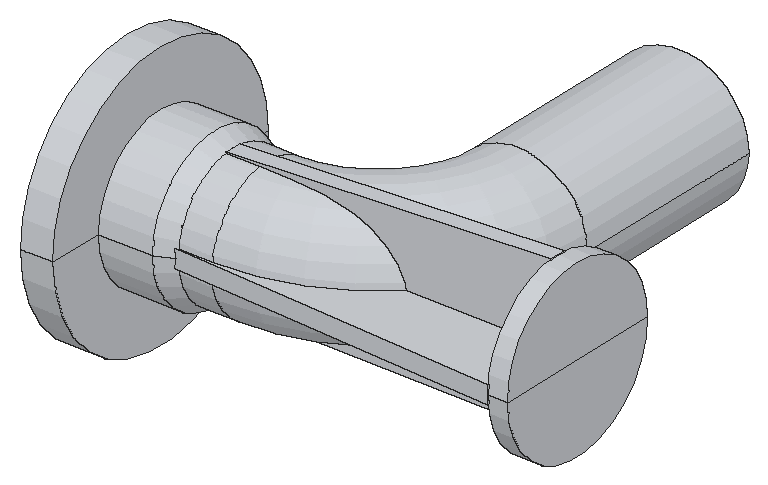
Revit family "6c8ddfba74794c35b0bbb2839dff2ab8", category Pipe Fittings, Revit 2021
Family settings
  Round Connector Dimension = Use Radius
  Part Type = Elbow
  OmniClass Number = 23.60.30.11.14
  OmniClass Title = Pipework Fittings
  Seek Item ID = Elbow - Threaded - MI - Class 300-0000-USA-ENU
  Work Plane-Based = No
  Always vertical = Yes
  Cut with Voids When Loaded = No
  Shared = No
Parameters (values of type "Standard")
  Tick Size [instance] = Fitting Outside Diameter * 0.4  # 1.5840"
  Socket Outside Radius [instance] = Socket Outside Diameter / 2  # 2.2400"
  Socket Outside Diameter [instance] = size_lookup(Lookup Table Name, "SOD", 1.08 * Nominal Diameter + 1.1200", Nominal Diameter)  # 4.4800"
  Socket Depth [instance] = if(Nominal Diameter < 14.0000", 2.5000", if(Nominal Diameter < 30.0000", 3.5000", 4.0000"))  # 2.5000"
  Round Base Radius [instance] = Round Base Diameter / 2  # 2.5000"
  Round Base Diameter [instance] = size_lookup(Lookup Table Name, "RBD", 0.43 * Nominal Diameter + 4.7200", Nominal Diameter)  # 5.0000"
  Rib Thickness [instance] = size_lookup(Lookup Table Name, "RThk", 0.03 * Nominal Diameter + 0.4900", Nominal Diameter)  # 0.5000"
  Lookup Table Name = "Base Bend - MJ x PE - GI - Class 250"
  Length 9 [instance] = if(Fitting Outside Radius > Round Base Radius, Round Base Radius, Fitting Outside Radius)  # 1.9800"
  Length 8 [instance] = if(Length 7 < 0.0000", Round Base Radius, Fitting Outside Radius + Length 7)  # 2.24264"
  Length 7 [instance] = tan(Angle 1) * (Center to Socket Bottom 1 - Bevel Length)  # 0.26264"
  Length 6 [instance] = Center to Face + Center to Socket Bottom 1 - Bevel Length  # 9.8600"
  Length 5 [instance] = Length 4 + Bevel Length + Socket Depth  # 4.0000"
  Length 4 [instance] = Center to Socket Bottom 1 - Bevel Length - Length 1  # 0.9800"
  Length 3 [instance] = sin(Angle) * (Center to Socket Bottom 2)  # 9.7500"
  Length 2 [instance] = cos(Angle) * (Center to Socket Bottom 2)  # 0.0000"
  Length 1 [instance] = tan(Angle / 2) * Center Radius  # 4.0000"
  Length 11 [instance] = Center to Face + Length 1 - Length 10  # 6.94351"
  Length 10 [instance] = sqrt((Center Radius + (Center Radius - Rib Thickness)) * Rib Thickness)  # 1.93649"
  Fitting Outside Radius [instance] = Fitting Outside Diameter / 2  # 1.9800"
  Fitting Outside Diameter [instance] = size_lookup(Lookup Table Name, "FOD", 1.04 * Nominal Diameter + 0.7000", Nominal Diameter)  # 3.9600"
  Nominal Radius [instance] = 1.5000"
  Nominal Diameter [instance] = Nominal Radius * 2  # 3.0000"
  Loss Method = K Coefficient from Table
  K Coefficient Table = "Long Radius Elbow"
  Default Elevation = 0.0000"
  Bevel Length [instance] = size_lookup(Lookup Table Name, "BvLgt", 0.04 * Nominal Diameter + 0.4300", Nominal Diameter)  # 0.5200"
  Center to Socket Bottom 2 [instance] = size_lookup(Lookup Table Name, "CtSB2", sin(Angle) * (0.75 * Nominal Diameter + 3.2500"), Nominal Diameter)  # 9.7500"
  Center to Socket Bottom 1 [instance] = size_lookup(Lookup Table Name, "CtSB1", Center to Socket Bottom 1 Not Found, Nominal Diameter)  # 5.5000"
  Center to Socket Bottom 1 Not Found [instance] = if(Nominal Diameter > 24.0000", tan(Angle / 2) * Center Radius + Bevel Length + 1.0000", 0.65 * Nominal Diameter + 4.4800")  # 6.4300"
  Center to Face [instance] = size_lookup(Lookup Table Name, "CtF", 0.65 * Nominal Diameter + 3.1200", Nominal Diameter)  # 4.8800"
  Center Radius [instance] = size_lookup(Lookup Table Name, "CRad", 0.69 * Nominal Diameter + 1.8100", Nominal Diameter)  # 4.0000"
  Base Thickness [instance] = size_lookup(Lookup Table Name, "BThk", 0.03 * Nominal Diameter + 0.4900", Nominal Diameter)  # 0.5600"
  Gland Width [instance] = size_lookup(Lookup Table Name, "GWid", 0.03 * Nominal Diameter + 0.9400", Nominal Diameter)  # 0.9400"
  Band Outside Radius [instance] = Gland Outside Diameter / 2  # 3.8450"
  Gland Outside Diameter [instance] = size_lookup(Lookup Table Name, "GOD", 1.16 * Nominal Diameter + 4.0300", Nominal Diameter)  # 7.6900"
  Assembly Code = ""
  Angle 1 [instance] = atan((Round Base Radius - Fitting Outside Radius) / Length 6)  # 3.01889°
  Angle [instance] = 90.00°  # constant formula
Reference planes (in)
  plane 1 "Center (Front/Back)": y = 0
  plane 2: z = 0
  plane 3 "Center (Left/Right)": x = 0
  plane 4: x = -4
  plane 5: x = -4.98
  plane 6: y = 4
  plane 7: y = 1.584
  plane 8: y = -1.584
  plane 9: x = 0
  plane 10: y = 9.75
  plane 11: x = -8
  plane 12: x = -7.06
  plane 13: y = 3.845
  plane 14: y = 2.24
  plane 15: y = 1.98
  plane 16: x = -5.5
  plane 17: x = 4.32
  plane 18: x = 4.88
  plane 19: y = 0.25
  plane 20: y = -0.25
  plane 21: z = 0.25
  plane 22: z = -0.25
  plane 23: y = 2.5
  plane 24: z = 2.5
  plane 25: z = -2.5
  plane 26: z = 1.98
  plane 27: z = -1.98
  plane 28: y = -2.5
Forms (in)
  Sweep 1, solid, detail levels fine
    path in 3D
      loop
        arc (-4, 0, 0) -> (-1.17157, 1.17157, 0) -> (0, 4, 0) r 4
    profile origin (-1.17157, 1.17157, 0) x (-0.707107, 0.707107, 0) y (0, 0, 1)
      loop
        circle (0, 0) r 1.98
  Revolve 2, solid, detail levels fine
    sketch origin (0, 0, 0) x (1, 0, 0) y (0, 1, 0)
      loop
        line (-8, 0) -> (-4, 0) -> (-4, 1.98) -> (-4.98, 1.98) -> (-5.5, 2.24) -> (-7.06, 2.24) -> (-7.06, 3.845) -> (-8, 3.845) -> (-8, 0)
      loop
        line (4.32, 0) -> (4.88, 0) -> (4.88, 2.5) -> (4.32, 2.5) -> (4.32, 0)
      axis (-8, 0) -> (4.88, 0)
    angle from 0 to 360
  Extrusion 3, solid, detail levels fine
    sketch origin (0, 0, 0) x (1, 0, 0) y (0, 0, 1)
      loop
        line (4.32, 2.5) -> (-4.98, 1.98) -> (-4.98, -1.98) -> (4.32, -1.98) -> (4.32, 2.5)
    from -0.25 to 0.25
  Extrusion 4, solid, detail levels fine
    sketch origin (0, 0, 0) x (1, 0, 0) y (0, 1, 0)
      loop
        line (4.32, 2.5) -> (0, 2.24264) -> (0, 0) -> (-5.5, 0) -> (-5.5, -1.98) -> (4.32, -2.5) -> (4.32, 2.5)
    from -0.25 to 0.25
  Extrusion 5, solid, detail levels fine
    sketch origin (0, 0, 0) x (1, 0, 0) y (0, 0, 1)
      loop
        circle (0, 0) r 1.98
    from -9.75 to -4
Cuts and joins
  joined: Sweep 1, Revolve 2, Extrusion 5
Lines and regions (in)
  model lines, style "PipeFitting", detail levels coarse+medium
    curve 1: line (-8, 0, 0) -> (4.88, 0, 0)
    curve 2: arc (-4, 0, 0) -> (-1.17157, 1.17157, 0) -> (0, 4, 0) r 4
    curve 3: line (0, 4, 0) -> (0, 9.75, 0)
  sketch lines
    curve 4: arc (-4, 0, 0) -> (-1.17157, 1.17157, 0) -> (0, 4, 0) r 4
  model lines, detail levels coarse+medium
    curve 5: line (-8, 0, 0) -> (-8, 1.584, 0)
    curve 6: line (-8, 0, 0) -> (-8, -1.584, 0)
    curve 7: line (0, 9.75, 0) -> (-1.584, 9.75, 0)
    curve 8: line (0, 9.75, 0) -> (1.584, 9.75, 0)
    curve 10: line (-2.06351, 0.5, 0) -> (4.88, 0.5, 0)
  reference lines, not visible
    curve 9: line (0, 9.75, 0) -> (0, 2.43528, 0)
Dimensions and locks (in)
  "Center Radius": plane 6 to plane 1 "Center (Front/Back)"
  "Tick Size": plane 7 to plane 1 "Center (Front/Back)"
  "Tick Size": plane 8 to plane 1 "Center (Front/Back)"
  "Tick Size": curve 7 to curve 7
  "Tick Size": curve 8 to curve 8
  "Length 1": plane 4 to plane 3 "Center (Left/Right)"
  "Length 3": plane 10 to plane 1 "Center (Front/Back)"
  "Gland Width": plane 11 to plane 12
  "Fitting Outside Radius": plane 15 to plane 1 "Center (Front/Back)"
  "Socket Outside Radius": plane 14 to plane 1 "Center (Front/Back)"
  "Band Outside Radius": plane 13 to plane 1 "Center (Front/Back)"
  "Bevel Length": plane 16 to plane 5
  "Socket Depth": plane 11 to plane 16
  "Center to Socket Bottom 1": plane 16 to plane 3 "Center (Left/Right)"
  "Length 2": plane 3 "Center (Left/Right)" to plane 9
  equal spacing: plane 21, plane 2, plane 22
  "Rib Thickness": plane 21 to plane 22
  equal spacing: plane 20, plane 1 "Center (Front/Back)", plane 19
  "Rib Thickness": plane 20 to plane 19
  "Round Base Radius": plane 23 to plane 1 "Center (Front/Back)"
  "Center to Face": plane 3 "Center (Left/Right)" to plane 18
  "Base Thickness": plane 17 to plane 18
  "Fitting Outside Radius": plane 26 to plane 2
  "Fitting Outside Radius": plane 2 to plane 27
  "Round Base Radius": plane 24 to plane 2
  "Round Base Radius": plane 2 to plane 25
  "Round Base Radius": plane 28 to plane 1 "Center (Front/Back)"
  "Length 8": plane 1 "Center (Front/Back)" to Extrusion 4 sketch curve
  "Length 9": Extrusion 4 sketch curve to plane 1 "Center (Front/Back)"
  "Length 9": Extrusion 3 sketch curve to plane 2
  "Length 9": plane 2 to Extrusion 3 sketch curve
  "Rib Thickness": plane 1 "Center (Front/Back)" to curve 10
  "Length 11": curve 10 to curve 10
  "Center Radius": radius of curve 2
  "Fitting Outside Radius": radius of Sweep 1 sketch curve
  "Fitting Outside Radius": radius of Extrusion 5 sketch curve
  "Angle": angle curve 2 to curve 2
  "Angle": angle plane 1 "Center (Front/Back)" to curve 3
  locked: curve 8 to curve 3 (angle 90.00°)
  locked: curve 3 to curve 7 (angle 90.00°)
  "Angle": angle plane 10 to curve 9
  aligned and locked: plane 4 to curve 2
  aligned and locked: plane 7 to curve 5
  aligned and locked: plane 1 "Center (Front/Back)" to curve 6
  aligned and locked: plane 8 to curve 6
  aligned and locked: plane 9 to curve 9
  aligned and locked: plane 10 to curve 9
  aligned and locked: curve 6 to plane 11
  aligned and locked: plane 13 to Revolve 2 sketch curve
  aligned and locked: plane 11 to Revolve 2 sketch curve
  aligned and locked: Revolve 2 sketch curve to plane 12
  aligned and locked: plane 14 to Revolve 2 sketch curve
  aligned and locked: Revolve 2 sketch curve to plane 4
  aligned and locked: plane 16 to Revolve 2 sketch curve
  aligned and locked: plane 5 to Revolve 2 sketch curve
  aligned and locked: Revolve 2 sketch curve to plane 15
  aligned and locked: Revolve 2 sketch curve to plane 1 "Center (Front/Back)"
  aligned and locked: plane 17 to Revolve 2 sketch curve
  aligned and locked: Revolve 2 sketch curve to plane 18
  aligned and locked: Revolve 2 sketch curve to plane 23
  aligned and locked: plane 19 to Extrusion 3
  aligned and locked: plane 20 to Extrusion 3
  aligned and locked: plane 17 to Extrusion 4 sketch curve
  aligned and locked: plane 28 to Extrusion 4 sketch curve
  aligned and locked: plane 23 to Extrusion 4 sketch curve
  aligned and locked: plane 1 "Center (Front/Back)" to Extrusion 4 sketch curve
  aligned and locked: plane 9 to Extrusion 4 sketch curve
  aligned and locked: Extrusion 4 sketch curve to plane 16
  aligned and locked: plane 22 to Extrusion 4
  aligned and locked: plane 21 to Extrusion 4
  aligned and locked: plane 24 to Extrusion 3 sketch curve
  aligned and locked: plane 18 to curve 1
  aligned and locked: plane 18 to curve 10
  aligned and locked: plane 9 to Extrusion 5 sketch curve
  aligned and locked: plane 2 to Extrusion 5 sketch curve
  aligned and locked: Extrusion 5 to plane 6
  aligned and locked: plane 10 to Extrusion 5
Automatic sketch dimensions
  Sweep 1 sketch curve to profile plane = 0.0000"  (x2)
  plane 1 "Center (Front/Back)" to Revolve 2 sketch curve = 0.0000"  (x2)
  Revolve 2 sketch curve to plane 4 = 0.0000"
  Revolve 2 sketch curve to Revolve 2 sketch curve = 0.7500"
  Extrusion 3 sketch curve to plane 5 = 0.0000"
  Extrusion 3 sketch curve to plane 17 = 0.0000"
  curve 8 to plane 10 = 0.0000"
Connectors (in)
  piping at (-8, 0, 0), diameter 3, driven by "Angle", driven by "Nominal Radius"
    settings: on Revolve 2, index 1, connector inside diameter 3.0000", connector length 0.0000", flow factor 0, pipe flow 0 GPM, pressure drop 0.00 psi, fitting loss kfactor 0, connector angle 90.00°, fixture units 0, engagement length 0.0000", angle of deflection 0.00°, flow configuration 0, flow direction 0, fitting loss method 0, system type 28, joint type 0, gender type 0, connector reference index 2, connector utility 0, adjustable connector no, is connector primary yes, connector description ""
  piping at (0, 9.75, 0), diameter 3, driven by "Nominal Radius", driven by "Angle"
    settings: on Extrusion 5, index 2, connector inside diameter 3.0000", connector length 0.0000", flow factor 0, pipe flow 0 GPM, pressure drop 0.00 psi, fitting loss kfactor 0, connector angle 90.00°, fixture units 0, engagement length 0.0000", angle of deflection 0.00°, flow configuration 0, flow direction 0, fitting loss method 0, system type 28, joint type 0, gender type 0, connector reference index 1, connector utility 0, adjustable connector no, is connector primary no, connector description ""
